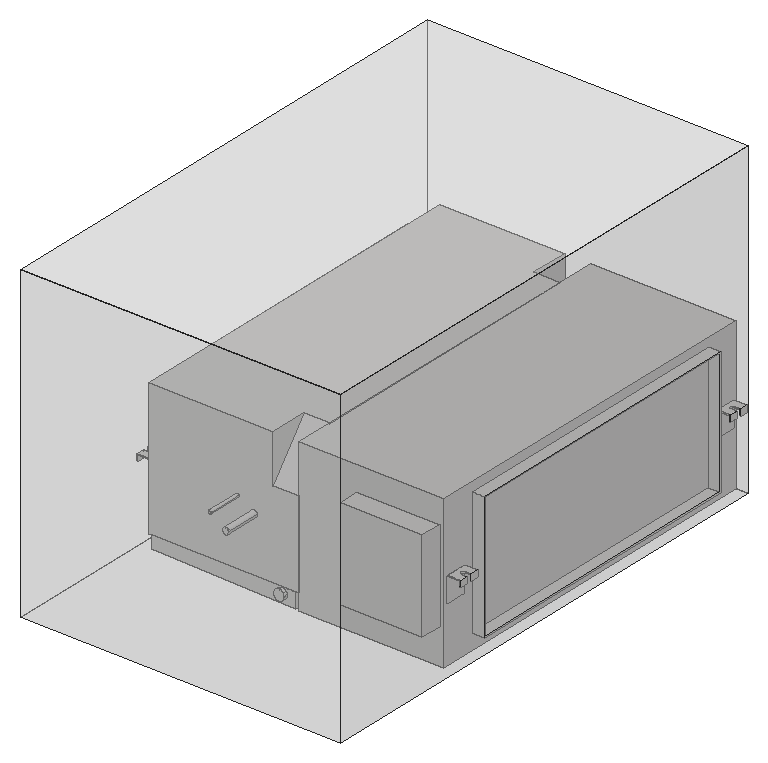
Revit family "outputfile", category 機械設備, Revit 2024
Family settings
  丸型コネクタ寸法 = 半径を使用
  パーツ タイプ = 標準
  OmniClass 番号 = 23.75.10.24.21.27.27
  OmniClass タイトル = Split System Air Conditioning Units
  作業面ベース = いいえ
  常に垂直 = はい
  ロード時にボイドで切り取り = いいえ
  注釈の向きを維持 = いいえ
  共有 = いいえ
  部屋計算ポイント = はい
Parameters (values of type "FDYQN180LCV1")
  Description = ""
  製造元 = "Daikin"
  書き出し IFC クラス(タイプ) = "IfcUnitaryEquipmentType"
  定義済み IFC タイプ(タイプ) = "AIRCONDITIONINGUNIT"
  Cost = 0
  モデル = "FDYQN180LCV1"
  Type Comments = ""
  Keynote = ""
  Type Image = (empty or 0)
  Assembly Code = ""
  switch_frequency = yes
  lw_suctionflange = 918 mm
  r_Liquid Pipe Size = Liquid Pipe Size / 2  # 4.75 mm
  r_Gas Pipe Size = Gas Pipe Size / 2  # 9.55 mm
  r_Drain Pipe Size = Drain Pipe Size / 2  # 16.35 mm
  lw_power = 33.5 mm  # constant formula
  lw_dischargeflange = 58 mm  # constant formula
  lh_power = 285 mm  # constant formula
  lh_mountinghole1 = lh_mountinghole + [h***]  # 254 mm
  lh_dischargeflange = 110 mm  # constant formula
  ld_power = 230 mm  # constant formula
  ld_dischargeflange = 70 mm  # constant formula
  connector_voltage = Voltage_50Hz  # 230 V
  connector_powerinput = if([Power Input (Cooling)] > [Power Input (Heating)], [Power Input (Cooling)], [Power Input (Heating)])  # 6.110 kW
  connector_phase = Phase_50Hz  # 1
  Voltage_comment_50Hz = "220 - 240"
  Voltage_50Hz = 230 V
  URL = ""
  Supply Air Direction [instance] = yes
  Sound Power Level_H speed (dB) = 0
  Phase_50Hz = 1
  Minimum External Static Pressure = 0.00 Pa
  Minimum Circuit Amps_50Hz = 7.4 A
  Maximum Fuse Amps_50Hz = 15.0 A
  Maximum External Static Pressure = 130.00 Pa
  Material_Casing = DAIKIN_GalvanizedSteel_Casing_indoorunit
  ld_mountinghole = 972 mm  # constant formula
  lh_gaspipe = 248.5 mm  # constant formula
  lh_mountinghole = 254 mm  # constant formula
  lh_liquidpipe = 216 mm  # constant formula
  lh_drainpipe = 30 mm  # constant formula
  lh_antena = Height - lh_mountinghole + 1 mm  # 217 mm
  ld_drainpipe = 413.5 mm  # constant formula
  ld_liquidpipe = 275 mm  # constant formula
  ld_gaspipe = 327.5 mm  # constant formula
  lw_mountinghole = 1048 mm
  h*** = 0 mm  # constant formula
  lw_liquidpipe = 105.75 mm
  lw_gaspipe = 109.55 mm
  lw_drainpipe = 10 mm  # constant formula
  Width = 1200 mm
  Version = "ver.1.0"
  Unit Type = "DAS Duct Standard"
  Unit Mass Weight = 70.00 kg
  Unit Designation [instance] = ""
  Uniclass2015Version = "Products v1.30"
  Uniclass2015Title = "Split coil room air conditioning units"
  Uniclass2015Code = "Pr_70_65_03_86"
  Total Heating Capacity [instance] = 0.000 kW
  Total Cooling Capacity [instance] = 0.000 kW
  Sound Pressure Level_M speed (dBA) = 41.5
  Sound Pressure Level_L speed (dBA) = 38
  Sound Pressure Level_H speed (dBA) = 45
  Series = "SkyAir_Fan Coil Unit"
  Sensible Cooling Capacity [instance] = 0.000 kW
  SA Duct Size Width = 918 mm
  SA Duct Size Height = 350 mm
  Refrigerant Type = "R410A"
  RA Duct Size Width = 918 mm
  RA Duct Size Height = 392.5 mm
  Power Input (Heating) = 6.110 kW
  Power Input (Cooling) = 5.820 kW
  Option Accessory 3 [instance] = ""
  Option Accessory 2 [instance] = ""
  Option Accessory 1 [instance] = ""
  Nominal Heating Capacity = 20.000 kW
  Nominal Cooling Capacity = 18.000 kW
  Minimum Airflow = 0.00 m³/h
  Median Airflow = 0.00 m³/h
  Maximum Airflow = 4180.00 m³/h
  Load Classification = HVAC
  Liquid Pipe Size = 9.5 mm
  Link_Nested Family [instance] = ""
  IfcVersion = ""
  IfcExportType = "AIRCONDITIONINGUNIT"
  IfcExportAs = "IfcUnitaryEquipmentType"
  Height = 470 mm
  Heating Entering Wet Bulb Temperature [instance] = 0.00 °C
  Heating Entering Dry Bulb Temperature [instance] = 0.00 °C
  Heating Ambient Wet Bulb Temperature [instance] = 0.00 °C
  Heating Ambient Dry Bulb Temperature [instance] = 0.00 °C
  Heat Exchanger Type = "Cross Fin Coil"
  Gas Pipe Size = 19.1 mm
  Frequency_50Hz = 50 Hz
  Fan Type = "Sirocco Fan"
  Fan Drive = "Direct Drive"
  FCU Tag No. [instance] = ""
  Drain Pipe Size = 32.7 mm
  Design Supply Airflow [instance] = 0.00 m³/h
  Design Return Airflow [instance] = 0.00 m³/h
  Design External Static Pressure [instance] = 0.00 Pa
  Depth = 997 mm
  既定の高さ = 0 mm
  Cooling Entering Wet Bulb Temperature [instance] = 0.00 °C
  Cooling Entering Dry Bulb Temperature [instance] = 0.00 °C
  Cooling Ambient Wet Bulb Temperature [instance] = 0.00 °C
  Cooling Ambient Dry Bulb Temperature [instance] = 0.00 °C
  Clearance visibility [instance] = yes
  Clearance Top = 500 mm
  Clearance Right = 0 mm
  Clearance Rear = 0 mm
  Clearance Left = 0 mm
  Clearance Front = 450 mm
  Clearance Bottom = 0 mm
Reference planes
  plane 1 "Center (Front/Back)": y = 0
  plane 2 "h": z = 0
  plane 3 "Center (Left/Right)": x = 0
  plane 4 "Back": y = 566.5
  plane 5: y = -566.5
  plane 6 "Left": x = -498.5
  plane 7 "Reight": x = 498.5
  plane 8 "Top": z = 0
  plane 9 "Bottom": z = -470
  plane 10 "ld_mountinghole1": y = 524
  plane 11: y = 566.5
  plane 12: y = -1016.5
  plane 13: x = -498.5
  plane 14: x = 498.5
  plane 15: z = 500
  plane 16: z = -470
  plane 17: x = 7.75
  plane 18: z = -420
  plane 19 "ld_mountinghole2": y = -524
  plane 20: x = -486
  plane 21: x = 486
  plane 22: x = -459.25
  plane 23: x = 459.25
  plane 24 "Front": y = -633.5
  plane 25 "lh_mountinghole": z = -216
  plane 26: y = -429.5
  plane 27: z = -33
  plane 28: y = -459
  plane 29: z = -419
  plane 30: x = -184.25
  plane 31: x = -131.75
  plane 32: x = -45.75
  plane 33 "lh_liquidpipe": z = -216
  plane 34: z = -248.5
  plane 35: z = -440
  plane 36: y = -672.25
  plane 37: y = -676.05
  plane 38: y = -576.5
  plane 39: y = -600
  plane 40: x = 229.25
Forms (mm)
  Extrusion 1, solid, material "DAIKIN_GalvanizedSteel_Casing_indoorunit" <- "Material_Casing"
    sketch origin (12.25, -160, 0) x (1, 0, 0) y (0, 1, 0)
      loop
        line (-4.5, 726.5) -> (-4.5, -406.5) -> (447, -406.5) -> (447, 726.5) -> (-4.5, 726.5)
    from -470 to 0
  Extrusion 2, solid, material "DAIKIN_GalvanizedSteel_Casing_indoorunit" <- "Material_Casing"
    sketch origin (0, 0, 0) x (1, 0, 0) y (0, 1, 0)
      loop
        line (-459.25, 566.5) -> (-459.25, -566.5) -> (7.75, -566.5) -> (7.75, 566.5) -> (-459.25, 566.5)
    from -420 to 0
  Extrusion 3, void
    sketch origin (7.75, 1196.25, 1200) x (0, -1, 0) y (0, 0, 1)
      loop
        line (1762.75, -1200) -> (1642.75, -1200) -> (1762.75, -1350) -> (1762.75, -1200)
    from 0 to 80
  Extrusion 4, void
    sketch origin (7.75, -1196.25, 1200) x (0, 1, 0) y (0, 0, -1)
      loop
        line (1762.75, 1200) -> (1762.75, 1350) -> (1642.75, 1200) -> (1762.75, 1200)
    from 0 to 80
  Extrusion 5, solid, material "DAIKIN_GalvanizedSteel_Casing_indoorunit" <- "Material_Casing"
    sketch origin (0, -900, 0) x (1, 0, 0) y (0, 0, 1)
      loop
        line (190.25, -76) -> (190.25, -361) -> (444.25, -361) -> (444.25, -76) -> (190.25, -76)
    from -333.5 to -266.5
  Extrusion 6, solid, material "DAIKIN_GalvanizedSteel_Casing_indoorunit" <- "Material_Casing"
    sketch origin (0, 0, 0) x (1, 0, 0) y (0, 0, 1)
      loop
        line (-449.25, -420) -> (-449.25, -457) -> (-2.25, -467) -> (-2.25, -420) -> (-449.25, -420)
    from -566.5 to 566.5
  Extrusion 7, solid, material "DAIKIN_GalvanizedSteel_Casing_indoorunit" <- "Material_Casing"
    sketch origin (-1374.64, -566.5, 1200) x (-1, 0, 0) y (0, 0, 1)
      loop
        circle (-1190.39, -1416) r 4.75
    from 0 to -105.75
  Extrusion 8, solid, material "DAIKIN_GalvanizedSteel_Casing_indoorunit" <- "Material_Casing"
    sketch origin (-1374.64, -566.5, 1200) x (-1, 0, 0) y (0, 0, 1)
      loop
        circle (-1242.89, -1448.5) r 9.55
    from 0 to -109.55
  Extrusion 9, solid, material "DAIKIN_GalvanizedSteel_Casing_indoorunit" <- "Material_Casing"
    sketch origin (-1374.64, -566.5, 1200) x (-1, 0, 0) y (0, 0, 1)
      loop
        circle (-1328.89, -1640) r 16.35
    from 0 to -10
Cuts and joins
  Extrusion 3, Extrusion 4 cuts Extrusion 1
  Extrusion 3, Extrusion 4 cuts Extrusion 2
Dimensions and locks
  "Height": plane 8 "Top" to plane 9 "Bottom"
  equal spacing: plane 6 "Left", plane 3 "Center (Left/Right)", plane 7 "Reight"
  "Clearance Left": plane 13 to plane 6 "Left"
  "Clearance Right": plane 7 "Reight" to plane 14
  "Clearance Rear": plane 11 to plane 4 "Back"
  "Clearance Front": plane 5 to plane 12
  "Clearance Top": plane 15 to plane 8 "Top"
  "Clearance Bottom": plane 9 "Bottom" to plane 16
  equal spacing: plane 19 "ld_mountinghole2", plane 1 "Center (Front/Back)", plane 10 "ld_mountinghole1"
  "lw_mountinghole": plane 19 "ld_mountinghole2" to plane 10 "ld_mountinghole1"
  equal spacing: plane 20, plane 3 "Center (Left/Right)", plane 21
  "ld_mountinghole": plane 20 to plane 21
  "Depth": plane 6 "Left" to plane 7 "Reight"
  locked: plane 22 to plane 23 at 918.5
  equal spacing: plane 22, plane 3 "Center (Left/Right)", plane 23
  locked: plane 8 "Top" to plane 18 at 420
  "Width": plane 4 "Back" to plane 24 "Front"
  plane 4 "Back" to plane 5 = 1133 mm
  equal spacing: plane 4 "Back", plane 1 "Center (Front/Back)", plane 5
  "lh_mountinghole": plane 25 "lh_mountinghole" to plane 9 "Bottom"
  locked: plane 5 to plane 24 "Front" at 67
  locked: Extrusion 5 sketch curve to Extrusion 5 sketch curve at 254
  locked: Extrusion 5 sketch curve to Extrusion 5 sketch curve at 285
  locked: plane 8 "Top" to Extrusion 5 sketch curve at 76
  locked: plane 7 "Reight" to Extrusion 5 sketch curve at 54.25
  locked: plane 22 to plane 17 at 467
  locked: plane 26 to plane 5 at 137
  locked: plane 8 "Top" to plane 27 at 33
  locked: plane 28 to plane 5 at 107.5
  locked: plane 29 to plane 9 "Bottom" at 51
  "ld_liquidpipe": plane 22 to plane 30
  "ld_gaspipe": plane 22 to plane 31
  "ld_drainpipe": plane 22 to plane 32
  "lh_liquidpipe": plane 8 "Top" to plane 33 "lh_liquidpipe"
  "lh_gaspipe": plane 8 "Top" to plane 34
  "lh_drainpipe": plane 35 to plane 9 "Bottom"
  "lw_liquidpipe": plane 5 to plane 36
  "lw_gaspipe": plane 5 to plane 37
  "lw_drainpipe": plane 5 to plane 38
  "lw_power": plane 5 to plane 39
  "ld_power": plane 40 to plane 23
  "r_Liquid Pipe Size": radius of Extrusion 7 sketch curve
  "r_Gas Pipe Size": radius of Extrusion 8 sketch curve
  "r_Drain Pipe Size": radius of Extrusion 9 sketch curve
  aligned and locked: level to plane 2 "h"
  aligned and locked: plane 8 "Top" to Extrusion 1
  aligned and locked: Extrusion 1 to plane 9 "Bottom"
  aligned and locked: plane 10 "ld_mountinghole1" to nested 2
  aligned and locked: nested 4 to plane 12
  aligned and locked: plane 13 to nested 4
  aligned and locked: plane 14 to nested 4
  aligned and locked: nested 4 to plane 13
  aligned and locked: plane 11 to nested 4
  aligned and locked: plane 15 to nested 4
  aligned and locked: plane 16 to nested 4
  aligned and locked: Extrusion 1 to plane 17
  aligned and locked: Extrusion 2 sketch curve to plane 4 "Back"
  aligned and locked: Extrusion 2 sketch curve to plane 17
  aligned and locked: plane 5 to Extrusion 2 sketch curve
  aligned and locked: nested 1 to plane 19 "ld_mountinghole2"
  aligned and locked: plane 10 "ld_mountinghole1" to nested 7
  aligned and locked: plane 20 to nested 7
  aligned and locked: nested 6 to plane 19 "ld_mountinghole2"
  aligned and locked: plane 20 to nested 6
  aligned and locked: nested 5 to plane 21
  aligned and locked: nested 5 to plane 19 "ld_mountinghole2"
  aligned and locked: plane 10 "ld_mountinghole1" to nested 8
  aligned and locked: nested 8 to plane 21
  aligned and locked: plane 19 "ld_mountinghole2" to nested 9
  aligned and locked: nested 10 to plane 10 "ld_mountinghole1"
  aligned and locked: nested 3 to plane 3 "Center (Left/Right)"
  aligned and locked: plane 1 "Center (Front/Back)" to nested 3
  aligned and locked: level to plane 8 "Top"
  aligned and locked: Extrusion 2 to plane 22
  aligned and locked: plane 23 to Extrusion 1
  aligned and locked: plane 4 "Back" to Extrusion 1
  aligned and locked: Extrusion 1 to plane 5
  aligned and locked: Extrusion 2 to plane 18
  aligned and locked: plane 8 "Top" to Extrusion 2
  aligned and locked: nested 10 to plane 22
  aligned and locked: nested 9 to plane 22
  aligned and locked: plane 23 to nested 2
  aligned and locked: plane 23 to nested 1
  aligned and locked: plane 25 "lh_mountinghole" to nested 10
  aligned and locked: plane 25 "lh_mountinghole" to nested 9
  aligned and locked: plane 25 "lh_mountinghole" to nested 2
  aligned and locked: plane 25 "lh_mountinghole" to nested 1
  aligned and locked: plane 5 to Extrusion 5
  aligned and locked: Extrusion 5 to plane 24 "Front"
  aligned and locked: nested 11 to plane 22
  aligned and locked: plane 6 "Left" to nested 11
  aligned and locked: plane 26 to nested 11
  aligned and locked: plane 27 to nested 11
  aligned and locked: plane 23 to nested 12
  aligned and locked: nested 12 to plane 7 "Reight"
  aligned and locked: plane 28 to nested 12
  aligned and locked: nested 12 to plane 29
  aligned and locked: plane 4 "Back" to Extrusion 6
  aligned and locked: Extrusion 6 to plane 5
  aligned and locked: plane 33 "lh_liquidpipe" to Extrusion 7 sketch curve
  aligned and locked: plane 30 to Extrusion 7 sketch curve
  aligned and locked: plane 5 to Extrusion 7
  aligned and locked: Extrusion 7 to plane 36
  aligned and locked: plane 34 to Extrusion 8 sketch curve
  aligned and locked: plane 31 to Extrusion 8 sketch curve
  aligned and locked: Extrusion 8 to plane 37
  aligned and locked: plane 35 to Extrusion 9 sketch curve
  aligned and locked: plane 32 to Extrusion 9 sketch curve
  aligned and locked: plane 5 to Extrusion 8
  aligned and locked: plane 5 to Extrusion 9
  aligned and locked: Extrusion 9 to plane 38
  aligned and locked: plane 30 to nested 13
  aligned and locked: nested 13 to plane 36
  aligned and locked: nested 13 to plane 33 "lh_liquidpipe"
  aligned and locked: plane 31 to nested 14
  aligned and locked: nested 14 to plane 37
  aligned and locked: nested 14 to plane 34
  aligned and locked: plane 32 to nested 15
  aligned and locked: nested 15 to plane 38
  aligned and locked: nested 15 to plane 35
  aligned and locked: Extrusion 5 to nested 16
  aligned and locked: plane 40 to nested 16
  aligned and locked: nested 16 to plane 39
  aligned and locked: Extrusion 6 sketch curve to plane 18
Automatic sketch dimensions
  Extrusion 1 sketch curve to plane 5 = 0 mm
  Extrusion 1 sketch curve to plane 17 = 0 mm
  Extrusion 1 sketch curve to plane 23 = 0 mm
  Extrusion 1 sketch curve to plane 4 "Back" = 0 mm
  Extrusion 2 sketch curve to plane 22 = 0 mm
  Extrusion 3 sketch curve to level = 0 mm
  Extrusion 3 sketch curve to plane 5 = 0 mm
  plane 19 "ld_mountinghole2" to Extrusion 3 sketch curve = 77.5 mm
  plane 25 "lh_mountinghole" to Extrusion 3 sketch curve = 66 mm
  Extrusion 4 sketch curve to level = 0 mm
  Extrusion 4 sketch curve to plane 4 "Back" = 0 mm
  plane 10 "ld_mountinghole1" to Extrusion 4 sketch curve = 77.5 mm
  plane 25 "lh_mountinghole" to Extrusion 4 sketch curve = 66 mm
  plane 22 to Extrusion 6 sketch curve = 10 mm
  Extrusion 6 sketch curve to plane 3 "Center (Left/Right)" = 2.25 mm
  plane 9 "Bottom" to Extrusion 6 sketch curve = 3 mm
  plane 9 "Bottom" to Extrusion 6 sketch curve = 13 mm
Nested families
  nested 1: "daikin_hangerfixture_FDYQN-LCV1" at (459.25, -524, -216), type "daikin_hangerfixture_FDYQN-LCV1"
  nested 2: "daikin_hangerfixture_FDYQN-LCV1" at (459.25, 524, -216), type "daikin_hangerfixture_FDYQN-LCV1"
  nested 3: "daikin_△_symbolicline" at (0, 0, 470) x (0, -1, 0) z (0, 0, 1), built-in parameter 1001364 <- "Height", visible <- "Supply Air Direction", type "daikin_△_symbolicline"
    with length 300 mm
  nested 4: "daikin_clearancespace" at (0, -225, 15.119), visible <- "Clearance visibility", show <- "Clearance visibility", Link_Nested Family <- "Link_Nested Family", type "daikin_clearancespace"
    with width 997 mm, show yes, height 970 mm, depth 1583 mm, Link_Nested Family ""
  nested 5: "daikin_mountinghole" at (486, -524, -470), l_antenna <- "lh_antena", Link_Nested Family <- "Link_Nested Family", h_mountinghole <- "lh_mountinghole1", type "daikin_mountinghole"
    with show yes, l_antenna 217 mm, h_mountinghole 254 mm, Link_Nested Family ""
  nested 6: "daikin_mountinghole" at (-486, -524, -470), l_antenna <- "lh_antena", Link_Nested Family <- "Link_Nested Family", h_mountinghole <- "lh_mountinghole1", type "daikin_mountinghole"
    with show yes, l_antenna 217 mm, h_mountinghole 254 mm, Link_Nested Family ""
  nested 7: "daikin_mountinghole" at (-486, 524, -470), h_mountinghole <- "lh_mountinghole1", l_antenna <- "lh_antena", Link_Nested Family <- "Link_Nested Family", type "daikin_mountinghole"
    with show yes, l_antenna 217 mm, h_mountinghole 254 mm, Link_Nested Family ""
  nested 8: "daikin_mountinghole" at (486, 524, -470), l_antenna <- "lh_antena", Link_Nested Family <- "Link_Nested Family", h_mountinghole <- "lh_mountinghole1", type "daikin_mountinghole"
    with show yes, l_antenna 217 mm, h_mountinghole 254 mm, Link_Nested Family ""
  nested 9: "daikin_hangerfixture_FDYQN-LCV1_2" at (-459.25, -524, -216) x (-1, 0, 0) z (0, 0, 1), type "daikin_hangerfixture_FDYQN-LCV1_2"
  nested 10: "daikin_hangerfixture_FDYQN-LCV1_2" at (-459.25, 524, -216) x (-1, 0, 0) z (0, 0, 1), type "daikin_hangerfixture_FDYQN-LCV1_2"
  nested 11: "daikin_ductflange_FDYQN-LCV1" at (-498.5, 29.5, -383) x (0, 1, 0) z (0, 0, 1), width <- "lw_suctionflange", material <- "Material_Casing", type "daikin_ductflange_FDYQN-LCV1"
    with width 918 mm, material DAIKIN_GalvanizedSteel_Casing_indoorunit, height 350 mm, depth 39.25 mm
  nested 12: "daikin_ductflange_FDYQN-LCV1" at (459.25, 0, -419) x (0, 1, 0) z (0, 0, 1), width <- "lw_suctionflange", material <- "Material_Casing", type "daikin_ductflange_FDYQN-LCV1"
    with width 918 mm, material DAIKIN_GalvanizedSteel_Casing_indoorunit, height 392.5 mm, depth 39.25 mm
  nested 13: "daikin_connector_rotate2" at (-184.25, -566.5, -216), length <- "lw_liquidpipe", radius <- "r_Liquid Pipe Size", type "daikin_connector_rotate2"
    with radius 4.75 mm, length 105.75 mm, angle_vertical 90.00°, show_face no
  nested 14: "daikin_connector_rotate2" at (-131.75, -566.5, -248.5), length <- "lw_gaspipe", radius <- "r_Gas Pipe Size", type "daikin_connector_rotate2"
    with radius 9.55 mm, length 109.55 mm, angle_vertical 90.00°, show_face no
  nested 15: "daikin_connector_rotate2" at (-45.75, -566.5, -440), length <- "lw_drainpipe", radius <- "r_Drain Pipe Size", type "daikin_connector_rotate2"
    with radius 16.35 mm, length 10 mm, angle_vertical 90.00°, show_face no
  nested 16: "daikin_connector_rotate2" at (229.25, -600, -76) x (1, 0, 0) z (0, -1, 0), length <- "lh_power", type "daikin_connector_rotate2"
    with radius 10 mm, length 285 mm, angle_vertical 90.00°, show_face no
Connectors
  hvac at (-498.5, 29.5, -208), driven by "SA Duct Size Height", driven by "SA Duct Size Width"
    settings: on nested 11, index 1, duct flow 0.00 m³/h, flow factor 0, pres drop 0.00 Pa, loss coef 0, conn angle 0.00°, conn width 918.0 mm, conn height 350.0 mm, conn diameter 609.6 mm, duct sys type 1, conn prof type 1, flow config 0, flow direction 2, loss method 4, conn ref index -1, conn util no, is conn primary yes, conn desc "SA Duct"
  hvac at (498.5, 0, -222.75), driven by "RA Duct Size Height", driven by "RA Duct Size Width"
    settings: on nested 12, index 2, duct flow 0.00 m³/h, flow factor 0, pres drop 0.00 Pa, loss coef 0, conn angle 0.00°, conn width 918.0 mm, conn height 392.5 mm, conn diameter 609.6 mm, duct sys type 2, conn prof type 1, flow config 0, flow direction 1, loss method 4, conn ref index -1, conn util no, is conn primary no, conn desc "RA Duct"
  piping at (-184.25, -672.25, -216), diameter 9.5, driven by "r_Liquid Pipe Size"
    settings: on nested 13, index 3, connector inside diameter 609.6 mm, connector length 0 mm, flow factor 0, pipe flow 0.00 m³/h, pressure drop 0.0 Pa, fitting loss kfactor 0, connector angle 0.00°, fixture units 0, engagement length 0 mm, angle of deflection 0.00°, flow configuration 1, flow direction 1, fitting loss method 0, system type 29, joint type 0, gender type 0, connector reference index -1, connector utility 0, adjustable connector no, is connector primary yes, connector description "Refrigerant Liquid Piping"
  piping at (-131.75, -676.05, -248.5), diameter 19.1, driven by "r_Gas Pipe Size"
    settings: on nested 14, index 4, connector inside diameter 609.6 mm, connector length 0 mm, flow factor 0, pipe flow 0.00 m³/h, pressure drop 0.0 Pa, fitting loss kfactor 0, connector angle 0.00°, fixture units 0, engagement length 0 mm, angle of deflection 0.00°, flow configuration 1, flow direction 2, fitting loss method 0, system type 29, joint type 0, gender type 0, connector reference index -1, connector utility 0, adjustable connector no, is connector primary no, connector description "Refrigerant Gas Piping"
  piping at (-45.75, -576.5, -440), diameter 32.7, driven by "r_Drain Pipe Size"
    settings: on nested 15, index 5, connector inside diameter 609.6 mm, connector length 0 mm, flow factor 0, pipe flow 0.00 m³/h, pressure drop 0.0 Pa, fitting loss kfactor 0, connector angle 0.00°, fixture units 0, engagement length 0 mm, angle of deflection 0.00°, flow configuration 1, flow direction 2, fitting loss method 4, system type 16, joint type 0, gender type 0, connector reference index -1, connector utility 0, adjustable connector no, is connector primary no, connector description "Condensate Drain Piping"
  electrical at (229.25, -600, -361), driven by "Load Classification", driven by "connector_voltage", driven by "connector_phase", driven by "connector_powerinput"
    settings: on nested 16, index 6, voltage 230 V, apparent load 6110 VA, apparent load phase1 0 VA, apparent load phase2 0 VA, apparent load phase3 0 VA, power factor 1, load classification "HVAC", number of poles 1, system type 30, power factor state 1, is connector primary yes, connector utility no, sub classification motor no, connector description "Power Supply"
Definition of nested family "daikin_hangerfixture_FDYQN-LCV1"
  Parameters (values of type "daikin_hangerfixture_FXDSQ-AVM")
    width = 44 mm
    material = none
    height = 80 mm
    depth = 65 mm
    Default Elevation = 0 mm
  Reference planes
    plane 1 "Center (Front/Back)": y = 0
    plane 2: z = 0
    plane 3 "Center (Left/Right)": x = 0
    plane 4: y = 417.146
    plane 5: z = -2
    plane 6: z = -65
    plane 7: z = -12
    plane 8: x = 44
    plane 9: y = 32.5
    plane 10: y = -32.5
    plane 11: y = -36
    plane 12: y = 36
    plane 13: z = -80
    plane 14: x = 1.5
    plane 15: x = 14
    plane 16: x = 26
    plane 17: x = 42
  Forms (mm)
    Extrusion 1, solid, material <- "material"
      sketch origin (0, 0, 0) x (1, 0, 0) y (0, 1, 0)
        loop
          line (0, 32.5) -> (0, -32.5) -> (44, -32.5) -> (44, -7.5) -> (26.75, -7.5)
          arc (26.75, -7.5) -> (19.25, 0) -> (26.75, 7.5) r 7.5
          line (26.75, 7.5) -> (44, 7.5) -> (44, 32.5) -> (0, 32.5)
      from -2 to 0
    Extrusion 2, solid, material <- "material"
      sketch origin (0, 0, 0) x (0, 1, 0) y (0, 0, 1)
        loop
          line (32.5, -75.411) -> (32.5, 0) -> (-32.5, 0) -> (-32.5, -75.411)
          arc (-32.5, -75.411) -> (-31.156, -78.656) -> (-27.911, -80) r 4.589
          line (-27.911, -80) -> (27.911, -80)
          arc (27.911, -80) -> (31.156, -78.656) -> (32.5, -75.411) r 4.589
      from 0 to 1.5
    Extrusion 3, solid, material <- "material"
      sketch origin (0, 0, 0) x (0, 1, 0) y (0, 0, 1)
        loop
          line (-7.5, -17.007) -> (-7.5, 0) -> (-32.5, 0) -> (-32.5, -17.007)
          arc (-32.5, -17.007) -> (-31.623, -19.123) -> (-29.507, -20) r 2.993
          line (-29.507, -20) -> (-10.493, -20)
          arc (-10.493, -20) -> (-8.377, -19.123) -> (-7.5, -17.007) r 2.993
        loop
          arc (7.5, -17.007) -> (8.377, -19.123) -> (10.493, -20) r 2.993
          line (10.493, -20) -> (29.507, -20)
          arc (29.507, -20) -> (31.623, -19.123) -> (32.5, -17.007) r 2.993
          line (32.5, -17.007) -> (32.5, 0) -> (7.5, 0) -> (7.5, -17.007)
      from 44 to 42
  Cuts and joins
    joined: Extrusion 1, Extrusion 2, Extrusion 3
  Dimensions and locks
    "width": plane 3 "Center (Left/Right)" to plane 8
    "depth": plane 10 to plane 9
    equal spacing: plane 10, plane 1 "Center (Front/Back)", plane 9
    locked: plane 11 to plane 10 at 3.5
    locked: plane 9 to plane 12 at 3.5
    "height": level to plane 13
    locked: plane 14 to plane 3 "Center (Left/Right)" at 1.5
    plane 3 "Center (Left/Right)" to plane 15 = 14 mm
    locked: plane 15 to plane 16 at 12
    plane 3 "Center (Left/Right)" to Extrusion 1 = 44 mm
    locked: plane 2 to plane 5 at 2
    locked: plane 8 to plane 17 at 2
    aligned and locked: level to plane 2
    aligned and locked: level to Extrusion 1
    aligned and locked: Extrusion 1 to plane 5
    aligned and locked: Extrusion 1 sketch curve to plane 3 "Center (Left/Right)"
    aligned and locked: Extrusion 1 sketch curve to plane 8  (x2)
    aligned and locked: level to Extrusion 2 sketch curve
    aligned and locked: plane 14 to Extrusion 2
    aligned and locked: Extrusion 3 sketch curve to level
    aligned and locked: level to Extrusion 3 sketch curve
    aligned and locked: plane 9 to Extrusion 1 sketch curve
    aligned and locked: Extrusion 1 sketch curve to plane 10
    aligned and locked: plane 13 to Extrusion 2 sketch curve
    aligned and locked: plane 8 to cut or joined group of Extrusion 1, Extrusion 2, Extrusion 3
    aligned and locked: cut or joined group of Extrusion 1, Extrusion 2, Extrusion 3 to plane 17
  Automatic sketch dimensions
    plane 9 to Extrusion 2 sketch curve = 4.589 mm
    Extrusion 2 sketch curve to plane 10 = 4.589 mm
    Extrusion 2 sketch curve to Extrusion 2 sketch curve = 4.589 mm
    Extrusion 2 sketch curve to plane 9 = 0 mm
    plane 10 to Extrusion 3 sketch curve = 0 mm
    Extrusion 3 sketch curve to plane 7 = 8 mm  (x2)
    Extrusion 3 sketch curve to plane 10 = 2.993 mm
    Extrusion 3 sketch curve to plane 7 = 5.007 mm  (x2)
    plane 1 "Center (Front/Back)" to Extrusion 3 sketch curve = 10.493 mm
    Extrusion 3 sketch curve to plane 1 "Center (Front/Back)" = 7.5 mm
    plane 9 to Extrusion 3 sketch curve = 2.993 mm
    Extrusion 3 sketch curve to plane 9 = 0 mm
    plane 1 "Center (Front/Back)" to Extrusion 1 sketch curve = 0 mm
    plane 16 to Extrusion 1 sketch curve = 0.75 mm
    Extrusion 1 sketch curve to plane 1 "Center (Front/Back)" = 7.5 mm
Definition of nested family "daikin_clearancespace"
  Parameters (values of type "daikin_clearancespace")
    Description = "daikin_clearancespace"
    width [instance] = 1823.963 mm
    show [instance] = yes
    material = none
    height [instance] = 1359.762 mm
    depth [instance] = 880 mm
    Default Elevation = 0 mm
    Link_Nested Family [instance] = ""
  Reference planes
    plane 1 "Center (Front/Back)": y = 0
    plane 2 "Center (Elevation)": z = -0.119
    plane 3 "Center (Left/Right)": x = 0
    plane 4: y = 440
    plane 5: y = -440
    plane 6 "Right": x = 911.982
    plane 7 "Left": x = -911.982
    plane 8 "Top": z = 679.762
    plane 9 "Bottom": z = -680
  Forms (mm)
    Extrusion 1, solid, material <- "material", visible <- "show"
      sketch origin (0, 0, 0) x (1, 0, 0) y (0, 1, 0)
        loop
          line (-911.982, 440) -> (-911.982, -440) -> (911.982, -440) -> (911.982, 440) -> (-911.982, 440)
      from -680 to 679.762
  Lines and regions (mm)
    symbolic lines, visible <- "show"
      curve 1: line (911.982, 440, 0) -> (-911.982, 440, 0)
      curve 2: line (-911.982, 440, 0) -> (-911.982, -440, 0)
      curve 3: line (-911.982, -440, 0) -> (911.982, -440, 0)
      curve 4: line (911.982, -440, 0) -> (911.982, 440, 0)
      curve 5: line (911.982, 0, 679.762) -> (-911.982, 0, 679.762)
      curve 6: line (911.982, 0, -680) -> (911.982, 0, 679.762)
      curve 7: line (-911.982, 0, -680) -> (911.982, 0, -680)
      curve 8: line (-911.982, 0, 679.762) -> (-911.982, 0, -680)
      curve 9: line (0, 440, 679.762) -> (0, -440, 679.762)
      curve 10: line (0, -440, 679.762) -> (0, -440, -680)
      curve 11: line (0, 440, -680) -> (0, 440, 679.762)
      curve 12: line (0, -440, -680) -> (0, 440, -680)
  Dimensions and locks
    "width": plane 7 "Left" to plane 6 "Right"
    "depth": plane 4 to plane 5
    "height": plane 8 "Top" to plane 9 "Bottom"
    equal spacing: plane 7 "Left", plane 3 "Center (Left/Right)", plane 6 "Right"
    equal spacing: plane 4, plane 1 "Center (Front/Back)", plane 5
    equal spacing: plane 8 "Top", plane 2 "Center (Elevation)", plane 9 "Bottom"
    aligned and locked: level to plane 2 "Center (Elevation)"
    aligned and locked: Extrusion 1 sketch curve to plane 4
    aligned and locked: plane 7 "Left" to Extrusion 1 sketch curve
    aligned and locked: Extrusion 1 sketch curve to plane 5
    aligned and locked: Extrusion 1 sketch curve to plane 6 "Right"
    aligned and locked: plane 8 "Top" to Extrusion 1
    aligned and locked: curve 1 to Extrusion 1
    aligned and locked: curve 2 to Extrusion 1
    aligned and locked: curve 3 to Extrusion 1
    aligned and locked: curve 4 to Extrusion 1
    aligned and locked: curve 5 to Extrusion 1
    aligned and locked: curve 6 to Extrusion 1
    aligned and locked: curve 7 to Extrusion 1
    aligned and locked: curve 8 to Extrusion 1
    aligned and locked: curve 9 to Extrusion 1
    aligned and locked: curve 10 to Extrusion 1
    aligned and locked: curve 11 to Extrusion 1
    aligned and locked: curve 12 to Extrusion 1
    aligned and locked: Extrusion 1 to plane 9 "Bottom"
Definition of nested family "daikin_hangerfixture_FDYQN-LCV1_2"
  Parameters (values of type "daikin_hangerfixture_FXMQ-PV1A2")
    width = 44 mm
    material = none
    height = 204 mm
    depth = 65 mm
    Default Elevation = 0 mm
  Reference planes
    plane 1 "Center (Front/Back)": y = 0
    plane 2: z = 0
    plane 3 "Center (Left/Right)": x = 0
    plane 4: y = 417.146
    plane 5: z = -2
    plane 6: z = -65
    plane 7: z = -12
    plane 8: x = 44
    plane 9: y = 32.5
    plane 10: y = -32.5
    plane 11: y = -36
    plane 12: y = 36
    plane 13: z = -204
    plane 14: x = 1.5
    plane 15: x = 14
    plane 16: x = 26
    plane 17: x = 42
  Forms (mm)
    Extrusion 1, solid, material <- "material"
      sketch origin (0, 0, 0) x (1, 0, 0) y (0, 1, 0)
        loop
          line (0, 32.5) -> (0, -32.5) -> (44, -32.5) -> (44, -7.5) -> (26.75, -7.5)
          arc (26.75, -7.5) -> (19.25, 0) -> (26.75, 7.5) r 7.5
          line (26.75, 7.5) -> (44, 7.5) -> (44, 32.5) -> (0, 32.5)
      from -2 to 0
    Extrusion 2, solid, material <- "material"
      sketch origin (0, 0, 0) x (0, 1, 0) y (0, 0, 1)
        loop
          line (32.5, -199.411) -> (32.5, 0) -> (-32.5, 0) -> (-32.5, -199.411)
          arc (-32.5, -199.411) -> (-31.156, -202.656) -> (-27.911, -204) r 4.589
          line (-27.911, -204) -> (27.911, -204)
          arc (27.911, -204) -> (31.156, -202.656) -> (32.5, -199.411) r 4.589
      from 0 to 1.5
    Extrusion 3, solid, material <- "material"
      sketch origin (0, 0, 0) x (0, 1, 0) y (0, 0, 1)
        loop
          line (-7.5, -17.007) -> (-7.5, 0) -> (-32.5, 0) -> (-32.5, -17.007)
          arc (-32.5, -17.007) -> (-31.623, -19.123) -> (-29.507, -20) r 2.993
          line (-29.507, -20) -> (-10.493, -20)
          arc (-10.493, -20) -> (-8.377, -19.123) -> (-7.5, -17.007) r 2.993
        loop
          arc (7.5, -17.007) -> (8.377, -19.123) -> (10.493, -20) r 2.993
          line (10.493, -20) -> (29.507, -20)
          arc (29.507, -20) -> (31.623, -19.123) -> (32.5, -17.007) r 2.993
          line (32.5, -17.007) -> (32.5, 0) -> (7.5, 0) -> (7.5, -17.007)
      from 44 to 42
  Cuts and joins
    joined: Extrusion 1, Extrusion 2, Extrusion 3
  Dimensions and locks
    "width": plane 3 "Center (Left/Right)" to plane 8
    "depth": plane 10 to plane 9
    equal spacing: plane 10, plane 1 "Center (Front/Back)", plane 9
    locked: plane 11 to plane 10 at 3.5
    locked: plane 9 to plane 12 at 3.5
    "height": level to plane 13
    locked: plane 14 to plane 3 "Center (Left/Right)" at 1.5
    plane 3 "Center (Left/Right)" to plane 15 = 14 mm
    locked: plane 15 to plane 16 at 12
    locked: plane 2 to plane 5 at 2
    locked: plane 8 to plane 17 at 2
    aligned and locked: level to plane 2
    aligned and locked: level to Extrusion 1
    aligned and locked: Extrusion 1 to plane 5
    aligned and locked: Extrusion 1 sketch curve to plane 3 "Center (Left/Right)"
    aligned and locked: Extrusion 1 sketch curve to plane 8  (x2)
    aligned and locked: level to Extrusion 2 sketch curve
    aligned and locked: plane 14 to Extrusion 2
    aligned and locked: Extrusion 3 sketch curve to level
    aligned and locked: level to Extrusion 3 sketch curve
    aligned and locked: plane 9 to Extrusion 1 sketch curve
    aligned and locked: Extrusion 1 sketch curve to plane 10
    aligned and locked: plane 13 to Extrusion 2 sketch curve
    aligned and locked: plane 8 to cut or joined group of Extrusion 1, Extrusion 2, Extrusion 3
    aligned and locked: cut or joined group of Extrusion 1, Extrusion 2, Extrusion 3 to plane 17
  Automatic sketch dimensions
    plane 9 to Extrusion 2 sketch curve = 4.589 mm
    Extrusion 2 sketch curve to plane 10 = 4.589 mm
    Extrusion 2 sketch curve to Extrusion 2 sketch curve = 4.589 mm
    Extrusion 2 sketch curve to plane 9 = 0 mm
    plane 10 to Extrusion 3 sketch curve = 0 mm
    Extrusion 3 sketch curve to plane 7 = 8 mm  (x2)
    Extrusion 3 sketch curve to plane 10 = 2.993 mm
    Extrusion 3 sketch curve to plane 7 = 5.007 mm  (x2)
    plane 1 "Center (Front/Back)" to Extrusion 3 sketch curve = 10.493 mm
    Extrusion 3 sketch curve to plane 1 "Center (Front/Back)" = 7.5 mm
    plane 9 to Extrusion 3 sketch curve = 2.993 mm
    Extrusion 3 sketch curve to plane 9 = 0 mm
    plane 1 "Center (Front/Back)" to Extrusion 1 sketch curve = 0 mm
    plane 16 to Extrusion 1 sketch curve = 0.75 mm
    Extrusion 1 sketch curve to plane 1 "Center (Front/Back)" = 7.5 mm
Definition of nested family "daikin_ductflange_FDYQN-LCV1"
  Parameters (values of type "daikin_ductflange_FDYQN-LCV1")
    width [instance] = 918 mm
    material [instance] = none
    height [instance] = 350 mm
    depth [instance] = 39.25 mm
    Default Elevation = 0 mm
  Reference planes
    plane 1 "Center (Front/Back)": y = 0
    plane 2: z = 0
    plane 3 "Center (Left/Right)": x = 0
    plane 4: y = -39.25
    plane 5: x = -459
    plane 6: x = 459
    plane 7 "Top": z = 350
    plane 8 "Center (Elevation)": z = 175
  Forms (mm)
    Extrusion 1, solid, material <- "material"
      sketch origin (0, 0, 0) x (1, 0, 0) y (0, 0, 1)
        loop
          line (-459, 350) -> (-459, 0) -> (459, 0) -> (459, 350) -> (-459, 350)
        loop
          line (-457, 348) -> (-457, 2) -> (457, 2) -> (457, 348) -> (-457, 348)
      from 0 to 39.25
  Dimensions and locks
    "height": plane 7 "Top" to plane 2
    "width": plane 5 to plane 6
    equal spacing: plane 5, plane 3 "Center (Left/Right)", plane 6
    "depth": plane 1 "Center (Front/Back)" to plane 4
    equal spacing: plane 7 "Top", plane 8 "Center (Elevation)", plane 2
    locked: plane 7 "Top" to Extrusion 1 sketch curve at 2
    locked: Extrusion 1 sketch curve to level at 2
    locked: Extrusion 1 sketch curve to plane 5 at 2
    locked: plane 6 to Extrusion 1 sketch curve at 2
    aligned and locked: level to plane 2
    aligned and locked: Extrusion 1 sketch curve to plane 7 "Top"
    aligned and locked: plane 5 to Extrusion 1 sketch curve
    aligned and locked: Extrusion 1 sketch curve to plane 6
    aligned and locked: plane 2 to Extrusion 1 sketch curve
    aligned and locked: Extrusion 1 to plane 4
Definition of nested family "daikin_△_symbolicline"
  Parameters (values of type "daikin_△_symbolicline")
    length [instance] = 200 mm
    Default Elevation = 0 mm
  Reference planes
    plane 1 "Center (Front/Back)": y = 0
    plane 2: z = 0
    plane 3 "Center (Left/Right)": x = 0
  Lines and regions (mm)
    symbolic lines
      curve 1: line (0, -173.205, 0) -> (100, 0, 0)
      curve 2: line (100, 0, 0) -> (-100, 0, 0)
      curve 3: line (-100, 0, 0) -> (0, -173.205, 0)
  Dimensions and locks
    equal spacing: curve 3, plane 3 "Center (Left/Right)", curve 2
    "length": curve 3 to curve 2
    "length": curve 3 to curve 3
    "length": curve 1 to curve 1
    aligned and locked: level to plane 2
    aligned and locked: curve 2 to plane 1 "Center (Front/Back)"
    aligned and locked: plane 3 "Center (Left/Right)" to curve 3
Definition of nested family "daikin_mountinghole"
  Parameters (values of type "daikin_mountinghole")
    Default Elevation = 1219.2 mm
    Type Comments = "mountinghole"
    show [instance] = yes
    material = none
    l_centerline = 100 mm
    l_antenna [instance] = 100 mm
    h_mountinghole [instance] = 0 mm
    d_circle = 30 mm
    Link_Nested Family [instance] = ""
  Reference planes
    plane 1 "Center (Front/Back)": y = 0
    plane 2: z = 0
    plane 3 "Center (Left/Right)": x = 0
    plane 4: y = 50
    plane 5: x = -50
    plane 6: x = 50
    plane 7: y = -50
    plane 8 "h_mountinghole": z = 0
    plane 9: z = 100
  Lines and regions (mm)
    model lines, detail levels fine
      curve 1: circle (0, 0, 0) r 15 normal (0, 0, 1)
      curve 2: line (-50, 0, 0) -> (50, 0, 0)
      curve 3: line (0, 50, 0) -> (0, -50, 0)
    symbolic lines, detail levels fine
      curve 4: circle (0, 0, 0) r 15 normal (0, 0, 1)
      curve 5: line (-50, 0, 0) -> (50, 0, 0)
      curve 6: line (0, 50, 0) -> (0, -50, 0)
    model lines
      curve 7: line (0, 0, 100) -> (0, 0, 0)
  Dimensions and locks
    equal spacing: plane 4, plane 1 "Center (Front/Back)", plane 7
    "l_centerline": plane 4 to plane 7
    equal spacing: plane 5, plane 3 "Center (Left/Right)", plane 6
    "l_centerline": plane 5 to plane 6
    "l_antenna": plane 9 to plane 8 "h_mountinghole"
    "h_mountinghole": plane 8 "h_mountinghole" to plane 2
    "d_circle": diameter of curve 1
    "d_circle": diameter of curve 4
    aligned and locked: level to plane 2
    aligned and locked: plane 1 "Center (Front/Back)" to curve 1
    aligned and locked: plane 3 "Center (Left/Right)" to curve 1
    aligned and locked: plane 1 "Center (Front/Back)" to curve 2
    aligned and locked: curve 3 to plane 3 "Center (Left/Right)"
    aligned and locked: plane 6 to curve 2
    aligned and locked: plane 5 to curve 2
    aligned and locked: plane 4 to curve 3
    aligned and locked: plane 7 to curve 3
    aligned and locked: plane 1 "Center (Front/Back)" to curve 4
    aligned and locked: plane 3 "Center (Left/Right)" to curve 4
    aligned and locked: plane 6 to curve 5
    aligned and locked: plane 5 to curve 5
    aligned and locked: plane 1 "Center (Front/Back)" to curve 5
    aligned and locked: plane 4 to curve 6
    aligned and locked: plane 7 to curve 6
    aligned and locked: curve 6 to plane 3 "Center (Left/Right)"
    aligned and locked: curve 7 to plane 3 "Center (Left/Right)"
    aligned and locked: plane 9 to curve 7
    aligned and locked: plane 8 "h_mountinghole" to curve 7
Definition of nested family "daikin_connector_rotate2"
  Parameters (values of type "daikin_connector_rotate2")
    show_face = yes
    radius [instance] = 10 mm
    length [instance] = 600 mm
    d_surface = 10 mm
    angle_vertical [instance] = 90.00°
    Default Elevation = 0 mm
  Reference planes
    plane 1 "Center (Front/Back)": y = 0
    plane 2: z = 0
    plane 3 "Center (Left/Right)": x = 0
  Forms (mm)
    Extrusion 1, solid, visible <- "show_face"
      sketch origin (0, -600, 0) x (1, 0, 0) y (0, 0, 1)
        loop
          circle (0, 0) r 10
      from 0 to -10
  Lines and regions (mm)
    reference lines
      curve 1: line (0, 0, 0) -> (0, -600, 0)
    symbolic lines
      curve 2: circle (0, 0, 0) r 5 normal (0, 0, 1)
    model lines, visible <- "show_face"
      curve 3: line (0, 0, 0) -> (0, -600, 0)
  Dimensions and locks
    "length": curve 1 to curve 1
    "length": curve 3 to curve 3
    "d_surface": Extrusion 1 to Extrusion 1
    "radius": radius of Extrusion 1 sketch curve
    "angle_vertical": angle curve 1 to plane 1 "Center (Front/Back)"
    "angle_vertical": angle curve 3 to plane 1 "Center (Front/Back)"
    aligned and locked: level to plane 2
    aligned and locked: plane 1 "Center (Front/Back)" to curve 1
    aligned and locked: plane 2 to curve 1
    aligned and locked: plane 1 "Center (Front/Back)" to curve 2
    aligned and locked: plane 3 "Center (Left/Right)" to curve 2
    aligned and locked: plane 1 "Center (Front/Back)" to curve 3
    aligned and locked: plane 2 to curve 3
    aligned and locked: Extrusion 1 to Extrusion 1
  Automatic sketch dimensions
    Extrusion 1 sketch curve to level = 0 mm
    Extrusion 1 sketch curve to plane 3 "Center (Left/Right)" = 0 mm
    radius of curve 2 = 5 mm
